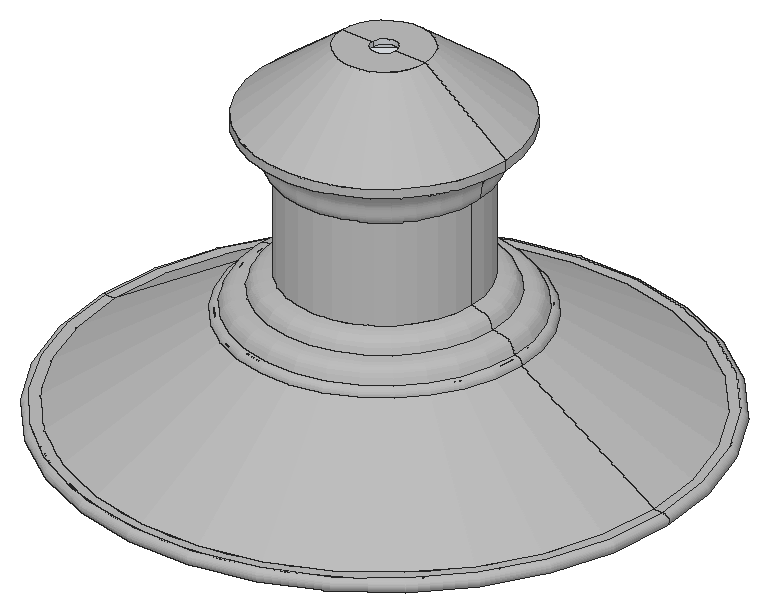
Revit family "MC12 SHADE", category Lighting Fixtures, Revit 2024
Family settings
  Round Connector Dimension = Use Diameter
  Part Type = Normal
  OmniClass Number = 23.80.70.00
  OmniClass Title = Lighting
  Work Plane-Based = No
  Always vertical = Yes
  Cut with Voids When Loaded = No
  Light Source = Yes
  Maintain Annotation Orientation = No
  Shared = No
  Room Calculation Point = No
Parameters
  Wattage = 12.1178 W
  built-in parameter 1150110 = 1 (stored number, unit not read)
  built-in parameter 1114217 = 1 (stored number, unit not read)
  built-in parameter 1150109 = 1 (stored number, unit not read)
  built-in parameter 1150134 = (empty or 0)
  built-in parameter 1150113 = 1 (stored number, unit not read)
  Lumens = 1800 lm
  built-in parameter 1150115 = 1 (stored number, unit not read)
  built-in parameter 1150105 = 572.96 (stored number, unit not read)
  Light Source Symbol Size = 2' - 0"
  built-in parameter 1150137 = (empty or 0)
  built-in parameter 1150139 = (empty or 0)
  built-in parameter 1150112 = 1 (stored number, unit not read)
  built-in parameter 1150114 = 1 (stored number, unit not read)
  built-in parameter 1150132 = 2
  built-in parameter 1150102 = (empty or 0)
  built-in parameter 1150138 = (empty or 0)
  built-in parameter 1150107 = 3000 (stored number, unit not read)
  built-in parameter 1150106 = 5.7296 (stored number, unit not read)
  built-in parameter 1150104 = 13.8 (stored number, unit not read)
  Dimming Lamp Color Temperature Shift = (empty or 0)
  Default Elevation = 0' - 0"
  Color Filter = 16777215
  built-in parameter 1114218 = 1 (stored number, unit not read)
  built-in parameter 1150133 = 10 (stored number, unit not read)
Reference planes (in)
  plane 1 "Light Source Axis (F/B)": y = 0
  plane 2: z = 0
  plane 3 "Light Source Axis (L/R)": x = 0
  plane 4 "Light Source Elevation": z = 84
Forms (in)
  Revolve 1, solid
    sketch origin (0, 0, 0) x (1, 0, 0) y (0, 0, 1)
      loop
        line (-5.75524, 84.08919) -> (-2.78816, 85.94496)
        arc (-2.78816, 85.94496) -> (-2.77967, 86.03322) -> (-2.69648, 86.00253) r 0.05597
        spline (-2.69648, 86.00253) -> (-2.65361, 86.12562) -> (-2.62104, 86.20464) -> (-2.59754, 86.24873) -> (-2.58089, 86.27064) -> (-2.56316, 86.28719) -> (-2.5442, 86.30043) -> (-2.52011, 86.31225) -> (-2.48598, 86.32373) -> (-2.43843, 86.33475) -> (-2.38162, 86.34427) -> (-2.32832, 86.3507) -> (-2.29376, 86.35283)
        line (-2.29376, 86.35283) -> (-2.20512, 86.41606)
        spline (-2.20512, 86.41606) -> (-2.1832, 86.47481) -> (-2.16387, 86.51751) -> (-2.14711, 86.54658) -> (-2.13252, 86.56569) -> (-2.11805, 86.5798) -> (-2.10015, 86.5933) -> (-2.07951, 86.60579) -> (-2.05381, 86.61773) -> (-2.01923, 86.6298) -> (-1.97304, 86.64197) -> (-1.91291, 86.65405) -> (-1.83689, 86.66601)
        line (-1.83689, 86.66601) -> (-1.75618, 86.67631) -> (-1.75618, 88.73545) -> (-1.84993, 88.8292)
        spline (-1.84993, 88.8292) -> (-1.92132, 88.87501) -> (-1.93736, 88.95061) -> (-1.94573, 89.02951) -> (-1.95858, 89.10177) -> (-1.98043, 89.16637) -> (-2.01366, 89.2288) -> (-2.05381, 89.28787) -> (-2.09716, 89.34221) -> (-2.14446, 89.39355) -> (-2.20221, 89.4445) -> (-2.28919, 89.50535) -> (-2.45786, 89.61272)
        line (-2.45786, 89.61272) -> (-2.45786, 89.67776) -> (-0.84547, 90.90625) -> (-0.25, 90.90625) -> (-0.25, 91) -> (-0.87711, 91) -> (-2.55161, 89.7242) -> (-2.55161, 89.55042)
        spline (-2.55161, 89.55042) -> (-2.37344, 89.44351) -> (-2.28718, 89.38662) -> (-2.23353, 89.34177) -> (-2.18766, 89.29451) -> (-2.14489, 89.24372) -> (-2.10576, 89.18928) -> (-2.07534, 89.13584) -> (-2.05596, 89.08311) -> (-2.0427, 89.01813) -> (-2.03209, 88.93809) -> (-2.00561, 88.83318) -> (-1.84993, 88.73545)
        line (-1.84993, 88.73545) -> (-1.84993, 86.75884)
        spline (-1.84993, 86.75884) -> (-1.92927, 86.74637) -> (-1.99405, 86.73333) -> (-2.04654, 86.7195) -> (-2.089, 86.70463) -> (-2.12369, 86.68848) -> (-2.15288, 86.67082) -> (-2.17875, 86.65125) -> (-2.20258, 86.62799) -> (-2.22519, 86.59846) -> (-2.24739, 86.56011) -> (-2.26998, 86.51034) -> (-2.29376, 86.44658)
        spline (-2.29376, 86.44658) -> (-2.33366, 86.44435) -> (-2.38687, 86.43822) -> (-2.44454, 86.42901) -> (-2.4979, 86.41757) -> (-2.54205, 86.40423) -> (-2.57839, 86.38857) -> (-2.60892, 86.37011) -> (-2.63563, 86.34833) -> (-2.66057, 86.32165) -> (-2.68622, 86.28308) -> (-2.71513, 86.22394) -> (-2.7499, 86.13554)
        arc (-2.7499, 86.13554) -> (-2.85577, 86.09169) -> (-2.89962, 85.98582) r 0.14972
        line (-2.89962, 85.98582) -> (-5.67493, 84.25) -> (-5.875, 84.25)
        arc (-5.875, 84.25) -> (-5.97525, 84.05034) -> (-5.75524, 84.08919) r 0.125
      axis (0, 91) -> (0, 84.08919)
    angle from 0 to 360
  Revolve 2, solid, not visible
    sketch origin (0, 0, 0) x (1, 0, 0) y (0, 0, 1)
      loop
        line (-2.99192, 88.09279) -> (-2.89556, 88.09279) -> (-2.89556, 88.38477) -> (-2.99192, 88.38477) -> (-2.99192, 88.09279)
      axis (-2.89556, 88.09279) -> (-2.99192, 88.09279)
    angle from 0 to 360
  Sweep 3, solid, not visible
    path origin (0, 0, 0) x (1, 0, 0) y (0, 0, 1)
      loop
        arc (-2.97158, 88.08519) -> (-3.96217, 87.55604) -> (-4.35786, 86.505) r 1.59375
        line (-4.35786, 86.505) -> (-4.35786, 85.3018)
    profile origin (-3.96217, 0, 87.55604) x (0.751723, 0, -0.659479) y (0, -1, 0)
      loop
        circle (0, 0) r 0.15625
  Revolve 4, solid, not visible
    sketch origin (0, 0, 0) x (1, 0, 0) y (0, 0, 1)
      loop
        line (-4.84702, 85.01395) -> (-4.61007, 85.21882) -> (-4.67548, 85.29447) -> (-5.07238, 85.7535)
        arc (-5.07238, 85.7535) -> (-5.11657, 85.32649) -> (-4.68956, 85.2823) r 0.30356
        line (-4.68956, 85.2823) -> (-4.91791, 85.08485) -> (-4.84702, 85.01395)
      axis (-4.61007, 85.21882) -> (-5.07238, 85.7535)
    angle from 0 to 360
Dimensions and locks (in)
  aligned and locked: plane 3 "Light Source Axis (L/R)" to imposter light
  aligned and locked: plane 1 "Light Source Axis (F/B)" to imposter light
  aligned and locked: plane 4 "Light Source Elevation" to imposter light
  aligned and locked: level to plane 2
